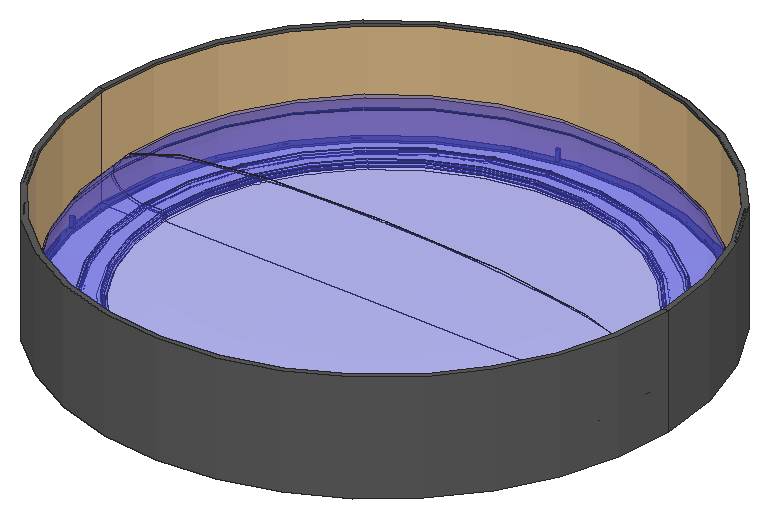
Revit family "BE_50790.4_de_DE", category Leuchten, Revit 2020
Family settings
  Basisbauteil = Fläche
  Bemaßung runder Anschluss = Durchmesser verwenden
  Teiletyp = Normal
  Beim Laden mit Abzugskörper schneiden = Ja
  Lichtquelle = Ja
  Gemeinsam genutzt = Nein
  Raumberechnungspunkt = Ja
Parameters (values of type "BEGA_50790.4_K3")
  built-in parameter 1150104 = 15.525 (stored number, unit not read)
  Wattage = 91.2 W
  Default Elevation = 0 mm
  built-in parameter 1150113 = 1 (stored number, unit not read)
  built-in parameter 1114218 = 1 (stored number, unit not read)
  Umgebungstemperatur = "25 °C"
  URL = "https://www.bega.com/de/produkt/50790.4"
  Typenkommentare = "© 2023 BEGA. Wir behalten uns das Recht vor, technische Änderungen ohne vorherige Ankündigung vorzunehmen."  # constant formula
  built-in parameter 1150134 = (empty or 0)
  built-in parameter 1150109 = 1 (stored number, unit not read)
  built-in parameter 1150110 = 1 (stored number, unit not read)
  Spannung = 239.996 V
  Sonderanfertigung = no
  Seriennummer [instance] = "Hier können Sie die eindeutige Seriennummer für das Facility Management eintragen."
  Schutzklasse = "I"
  Schutzart = "IP 20"
  Scheinlast = 0 VA
  Produktdatenblatt = "https://cdn.bega.com/bega/products/50790.4K3/current/documents/data-sheets/de"
  Neigungswinkel = 0.00°
  Modell = "50790.4K3"
  Material_35 = BEGA_Oberfläche_Samtschwarz_matt
  Material_34 = BEGA_Oberfläche_Samtweiss_matt
  Material_31 = BEGA_Oberfläche_Messing_matt
  Material_14 = BEGA_Kunststoff_opal
  M_W = no
  M_G = no
  M_A = no
  Logo = 0
  built-in parameter 1114217 = 1 (stored number, unit not read)
  built-in parameter 1150139 = (empty or 0)
  built-in parameter 1150105 = 1212.8 (stored number, unit not read)
  built-in parameter 1150114 = 1 (stored number, unit not read)
  Lumens = 15240.4 lm
  built-in parameter 1150115 = 1 (stored number, unit not read)
  Leuchtenlichtstrom = "10770 lm"
  Lebensdauerkriterien = "L70B50 @ 25 °C = 200000 h"
  Lastklassifizierung = Beleuchtung
  built-in parameter 1150112 = 1 (stored number, unit not read)
  Lampenlichtstrom = "15240 lm"
  Lampe = "LED 91.2 W"
  LED_Modulbezeichnung = "4 x LED-0704/930"
  Hersteller = "BEGA"  # constant formula
  Gewicht = "34.7 kg"
  Frequenz = "0/50-60 Hz"
  Farbwiedergabeindex = "CRI > 90"
  Farbtemperaturverschiebung bei Dämpfen der Lampe = <Keine Auswahl>
  Farbtemperatur = "3000 K"
  Color Filter = 16777215
  built-in parameter 1150133 = 10 (stored number, unit not read)
  Energieeffizienzklasse = "LED A++ - A"
  built-in parameter 1150137 = (empty or 0)
  built-in parameter 1150132 = (empty or 0)
  ENEC = "ja"
  Dimmbar [instance] = "DALI"
  Datei für fotometrisches Netz = "BE_50790-4K3.IES"
  CE_Konformität = "ja"
  Bestellnummer = "50790.4K3"
  Beschreibung_Sonderanfertigung = "Hier können Sie Informationen zur Sonderanfertigung eintragen."
  Beschreibung = "Großflächen-Deckenleuchte"
  built-in parameter 1150106 = 12.128 (stored number, unit not read)
  Befestigungsbohrung = "Ø 10 mm"
  Befestigungsabstand = ""
  BEGA_Intern_aus = yes
  BEGA_Intern_an = yes
  BEGA_Intern_Konstruktion = yes
  BEGA_Intern = yes
  BEGA_IES = yes
  BEGA_Dummy = no
  Anschlussleistung [instance] = "100 W"
  built-in parameter 1150107 = 3000 (stored number, unit not read)
  built-in parameter 1150102 = (empty or 0)
  built-in parameter 1150138 = (empty or 0)
  Aktualisierung = "2023-08-09T04:00:04"
  AC/DC = "AC/DC"
Reference planes
  plane 1 "Mitte (Vorne/Hinten)": y = 0
  plane 2: z = 0
  plane 3 "Mitte (Links/Rechts)": x = 0
  plane 4 "Links": x = -523
  plane 5 "Rechts": x = 523
  plane 6 "Unten": y = -522.996
  plane 7 "Oben": y = 523
  plane 8 "Vorne": z = 202
  plane 9 "Hinten": z = 0
Forms (mm)
  Extrusion 1, solid, material "BEGA_Platte_Weiss"
    sketch origin (0, -1119.2, 0) x (1, 0, 0) y (0, 1, 0)
      loop
        line (-200, 1319.2) -> (-200, 919.2) -> (200, 919.2) -> (200, 1319.2) -> (-200, 1319.2)
    from 0 to -10
  Extrusion 2, solid, material "BEGA_Dummy_matt", visible <- "BEGA_Dummy"
    sketch origin (77.149, -76.023, 0) x (1, 0, 0) y (0, 1, 0)
      loop
        circle (-77.149, 76.023) r 523
    from 0 to 202
Dimensions and locks
  plane 1 "Mitte (Vorne/Hinten)" to Extrusion 1 = 200 mm
  aligned and locked: plane 2 to Extrusion 1
  aligned and locked: level to Extrusion 1
Nested families
  nested 1: "BE_50790.4_Leuchte" at (0, 0, 0), type "BE_50790.4_Leuchte"
Connectors
  electrical at (0, 0, 0), driven by "Lastklassifizierung", driven by "Spannung", driven by "Scheinlast"
    settings: index 1, voltage 239.996 V, apparent load 0 VA, apparent load phase1 0 VA, apparent load phase2 0 VA, apparent load phase3 0 VA, power factor 1, load classification "Beleuchtung", number of poles 1, system type 31, power factor state 1, is connector primary yes, connector utility no, sub classification motor no, connector description ""
Definition of nested family "BE_50790.4_Leuchte"
  Parameters (values of type "BE_50790.4_Leuchte")
    Default Elevation = 1 mm
    URL = "http://www.bega.de/de/produkt"
    Type Comments = "© 2015 BEGA. Wir behalten uns das Recht vor, technische Änderungen ohne vorherige Ankündigung vorzunehmen. "  # constant formula
    Type Image = (empty or 0)
    Material_35 = none
    Material_34 = none
    Material_31 = none
    Material_14 = none
    Länge_Platte = 1100 mm  # constant formula
    Höhe_Platte = -10 mm  # constant formula
    Manufacturer = "BEGA"  # constant formula
    Breite_Platte = 1100 mm  # constant formula
  Reference planes
    plane 1 "Mitte (Oben/Unten)": y = 0
    plane 2: z = 0
    plane 3 "Mitte (Links/Rechts)": x = 0
    plane 4: z = 202
    plane 5: x = -523
    plane 6: x = 523
    plane 7: y = 523
    plane 8: y = -522.996
  Forms (mm)
    Extrusion 1, solid, detail levels medium
      sketch origin (0, 0, 0) x (1, 0, 0) y (0, 1, 0)
        loop
          line (-550, 550) -> (-550, -550) -> (550, -550) -> (550, 550) -> (-550, 550)
      from 0 to -10 <- "Höhe_Platte"
    Revolve 2, solid, material <- "Material_34"
      sketch origin (0, 0, 0) x (1, 0, 0) y (0, 0, 1)
        loop
          line (0, 11) -> (0, 7) -> (518, 7) -> (518, 11) -> (0, 11)
        axis (0, 7) -> (0, 11)
      angle from 0 to 360
    Extrusion 3, void
      sketch origin (0, 0, 0) x (1, 0, 0) y (0, 1, 0)
        loop
          line (-23.746, -16.915) -> (-26.103, 13.027)
          arc (-26.103, 13.027) -> (-3.137, 39.877) -> (23.744, 16.947) r 25
          line (23.744, 16.947) -> (26.1, -12.992) -> (80.774, -8.689)
          arc (80.774, -8.689) -> (87.387, -5.449) -> (89.988, 1.44) r 10
          arc (89.988, 1.44) -> (-7.049, 89.724) -> (-89.109, -12.631) r 90
          arc (-89.109, -12.631) -> (-85.468, -19.045) -> (-78.421, -21.218) r 10
          line (-78.421, -21.218) -> (-23.746, -16.915)
        loop
          circle (-356.406, 170.24) r 3.25
        loop
          circle (325.635, 223.537) r 3.25
        loop
          circle (30.771, -393.776) r 3.25
      from 7 to 11
    Extrusion 4, solid, material <- "Material_34"
      sketch origin (0, 0, 0) x (1, 0, 0) y (0, 1, 0)
        loop
          circle (-369.926, 138.491) r 9.85
        loop
          circle (-369.926, 138.491) r 5
        loop
          circle (-65.026, 389.611) r 9.85
        loop
          circle (-65.026, 389.611) r 5
        loop
          circle (304.9, 251.12) r 9.85
        loop
          circle (304.9, 251.12) r 5
        loop
          circle (369.926, -138.491) r 9.85
        loop
          circle (369.926, -138.491) r 5
        loop
          circle (65.026, -389.611) r 9.85
        loop
          circle (65.026, -389.611) r 5
        loop
          circle (-304.9, -251.12) r 9.85
        loop
          circle (-304.9, -251.12) r 5
      from 0 to 7
    Revolve 5, solid, material <- "Material_31"
      sketch origin (0, 0, 0) x (1, 0, 0) y (0, 0, 1)
        loop
          line (519, 196.5) -> (519, 15) -> (519.798, 15) -> (519.798, 196.5) -> (519, 196.5)
        axis (0, 15) -> (0, 196.5)
      angle from 0 to 360
    Revolve 6, solid, material <- "Material_35"
      sketch origin (0, 0, 0) x (1, 0, 0) y (0, 0, 1)
        loop
          line (519, 10) -> (519, 3)
          arc (519, 3) -> (519.293, 2.293) -> (520, 2) r 1
          line (520, 2) -> (523, 2) -> (523, 202) -> (514, 202) -> (514, 198.5) -> (518, 198.5) -> (518, 199.327) -> (519.798, 199.327) -> (519.798, 15) -> (505.7, 15) -> (505.7, 11) -> (518, 11)
          arc (518, 11) -> (518.707, 10.707) -> (519, 10) r 1
        axis (0, 2) -> (0, 202)
      angle from 0 to 360
    Revolve 7, solid, material <- "Material_34"
      sketch origin (0, 0, 0) x (1, 0, 0) y (0, 0, 1)
        loop
          arc (439.602, 27.494) -> (437.941, 31.29) -> (434.103, 32.85) r 5.5
          line (434.103, 32.85) -> (411.175, 32.85)
          arc (411.175, 32.85) -> (408.42, 32.11) -> (406.406, 30.089) r 5.5
          line (406.406, 30.089) -> (404.825, 27.35)
          arc (404.825, 27.35) -> (403.36, 25.886) -> (401.36, 25.35) r 4
          line (401.36, 25.35) -> (0, 25.35) -> (0, 23.85) -> (401.36, 23.85)
          arc (401.36, 23.85) -> (404.11, 24.587) -> (406.124, 26.6) r 5.5
          line (406.124, 26.6) -> (407.711, 29.35)
          arc (407.711, 29.35) -> (409.175, 30.814) -> (411.175, 31.35) r 4
          line (411.175, 31.35) -> (434.103, 31.35)
          arc (434.103, 31.35) -> (436.895, 30.215) -> (438.102, 27.455) r 4
          line (438.102, 27.455) -> (438.471, 13.35) -> (439.972, 13.35) -> (439.602, 27.494)
        axis (0, 13.35) -> (0, 32.85)
      angle from 0 to 360
    Revolve 8, solid, material <- "Material_14"
      sketch origin (0, 0, 0) x (1, 0, 0) y (0, 0, 1)
        loop
          line (396.823, 30.35) -> (401.442, 30.35) -> (403.751, 34.35)
          arc (403.751, 34.35) -> (404.484, 35.082) -> (405.484, 35.35) r 2
          line (405.484, 35.35) -> (437.672, 35.35)
          arc (437.672, 35.35) -> (438.433, 35.199) -> (439.08, 34.77) r 2
          line (439.08, 34.77) -> (440.328, 33.522)
          arc (440.328, 33.522) -> (441.905, 32.551) -> (443.751, 32.394) r 4
          spline (443.751, 32.394) -> (451.696, 33.822) -> (459.282, 35.664) -> (466.426, 37.899) -> (473.047, 40.503) -> (479.074, 43.446) -> (484.439, 46.697) -> (489.083, 50.22) -> (492.955, 53.975) -> (496.011, 57.921) -> (498.219, 62.014) -> (499.554, 66.21) -> (500, 70.461)
          spline (500, 70.461) -> (496.365, 85.179) -> (485.474, 98.812) -> (467.369, 111.31) -> (442.118, 122.624) -> (409.819, 132.711) -> (370.595, 141.533) -> (324.596, 149.055) -> (271.998, 155.249) -> (213.002, 160.092) -> (147.834, 163.564) -> (76.742, 165.652) -> (0, 166.349)
          line (0, 166.349) -> (0, 162.349)
          spline (0, 162.349) -> (76.667, 161.653) -> (147.671, 159.567) -> (212.733, 156.1) -> (271.603, 151.268) -> (324.046, 145.093) -> (369.843, 137.604) -> (408.798, 128.844) -> (440.725, 118.875) -> (465.446, 107.801) -> (482.791, 95.843) -> (492.807, 83.355) -> (496.001, 70.461)
          spline (496.001, 70.461) -> (495.641, 67.034) -> (494.541, 63.586) -> (492.666, 60.112) -> (489.981, 56.65) -> (486.485, 53.261) -> (482.197, 50.01) -> (477.161, 46.962) -> (471.438, 44.168) -> (465.099, 41.672) -> (458.215, 39.519) -> (450.872, 37.737) -> (443.157, 36.35)
          line (443.157, 36.35) -> (441.933, 37.574)
          arc (441.933, 37.574) -> (439.98, 38.888) -> (437.672, 39.35) r 6
          line (437.672, 39.35) -> (405.484, 39.35)
          arc (405.484, 39.35) -> (402.484, 38.546) -> (400.287, 36.35) r 6
          line (400.287, 36.35) -> (396.823, 30.35)
        axis (0, 30.35) -> (0, 166.349)
      angle from 0 to 360
    Extrusion 9, solid, material <- "Material_35"
      sketch origin (0, 0, 0) x (1, 0, 0) y (0, 1, 0)
        loop
          circle (84.205, -504.521) r 3.25
        loop
          circle (-504.521, -84.205) r 3.25
        loop
          circle (-84.205, 504.521) r 3.25
        loop
          circle (504.521, 84.205) r 3.25
      from 15 to 32
  Cuts and joins
    Extrusion 3 cuts Revolve 2
    joined: Revolve 2, Extrusion 4
    joined: Revolve 6, Extrusion 9
  Dimensions and locks
    equal spacing: Extrusion 1 sketch curve, plane 3 "Mitte (Links/Rechts)", Extrusion 1 sketch curve
    equal spacing: Extrusion 1 sketch curve, plane 1 "Mitte (Oben/Unten)", Extrusion 1 sketch curve
    "Länge_Platte": Extrusion 1 sketch curve to Extrusion 1 sketch curve
    "Breite_Platte": Extrusion 1 sketch curve to Extrusion 1 sketch curve
    plane 1 "Mitte (Oben/Unten)" to Extrusion 1 = 550 mm  (x3)
    aligned and locked: Extrusion 1 to plane 2
    aligned and locked: Extrusion 1 to level
  Automatic sketch dimensions
    plane 3 "Mitte (Links/Rechts)" to Revolve 2 sketch curve = 518 mm
    plane 3 "Mitte (Links/Rechts)" to Revolve 2 sketch curve = 0 mm
    Revolve 2 sketch curve to Revolve 2 sketch curve = 4 mm
    level to Revolve 2 sketch curve = 7 mm
    Extrusion 3 sketch curve to plane 3 "Mitte (Links/Rechts)" = 23.746 mm
    plane 1 "Mitte (Oben/Unten)" to Extrusion 3 sketch curve = 16.915 mm
    Extrusion 3 sketch curve to plane 1 "Mitte (Oben/Unten)" = 13.027 mm
    Extrusion 3 sketch curve to plane 3 "Mitte (Links/Rechts)" = 26.103 mm
    plane 1 "Mitte (Oben/Unten)" to Extrusion 3 sketch curve = 21.218 mm
    Extrusion 3 sketch curve to Extrusion 3 sketch curve = 54.675 mm  (x2)
    Extrusion 3 sketch curve to plane 3 "Mitte (Links/Rechts)" = 1.177 mm
    Extrusion 3 sketch curve to plane 1 "Mitte (Oben/Unten)" = 14.954 mm
    Extrusion 3 sketch curve to plane 1 "Mitte (Oben/Unten)" = 16.947 mm
    plane 1 "Mitte (Oben/Unten)" to Extrusion 3 sketch curve = 12.992 mm
    plane 3 "Mitte (Links/Rechts)" to Extrusion 3 sketch curve = 26.1 mm
    plane 1 "Mitte (Oben/Unten)" to Extrusion 3 sketch curve = 8.689 mm
    plane 1 "Mitte (Oben/Unten)" to Extrusion 3 sketch curve = 0 mm
    Extrusion 3 sketch curve to plane 3 "Mitte (Links/Rechts)" = 0 mm
    Extrusion 3 sketch curve to Extrusion 3 sketch curve = 0.785 mm  (x2)
    Extrusion 3 sketch curve to plane 1 "Mitte (Oben/Unten)" = 1.28 mm
    Extrusion 3 sketch curve to Extrusion 3 sketch curve = 9.969 mm
    Extrusion 3 sketch curve to Extrusion 3 sketch curve = 0 mm  (x4)
    Extrusion 3 sketch curve to Extrusion 3 sketch curve = 9.904 mm
    Extrusion 3 sketch curve to plane 1 "Mitte (Oben/Unten)" = 1.44 mm
    Extrusion 3 sketch curve to Extrusion 3 sketch curve = 9.999 mm
    level to Revolve 5 sketch curve = 15 mm
    plane 3 "Mitte (Links/Rechts)" to Revolve 5 sketch curve = 519.798 mm
    Revolve 5 sketch curve to Revolve 5 sketch curve = 0.798 mm
    Revolve 5 sketch curve to Revolve 5 sketch curve = 181.5 mm
    Revolve 6 sketch curve to Revolve 6 sketch curve = 0 mm
    Revolve 6 sketch curve to Revolve 6 sketch curve = 1 mm  (x2)
    level to Revolve 6 sketch curve = 3 mm
    Revolve 6 sketch curve to Revolve 6 sketch curve = 0.827 mm
    Revolve 6 sketch curve to Revolve 6 sketch curve = 4 mm  (x2)
    Revolve 6 sketch curve to Revolve 6 sketch curve = 12.3 mm
    plane 3 "Mitte (Links/Rechts)" to Revolve 6 sketch curve = 505.7 mm
    Revolve 6 sketch curve to Revolve 6 sketch curve = 1.798 mm
    Revolve 6 sketch curve to Revolve 6 sketch curve = 3 mm
    Revolve 6 sketch curve to Revolve 6 sketch curve = 7 mm
    Revolve 6 sketch curve to Revolve 6 sketch curve = 183.5 mm
    Revolve 6 sketch curve to Revolve 6 sketch curve = 2.673 mm
    Revolve 6 sketch curve to plane 3 "Mitte (Links/Rechts)" = 0 mm
    Revolve 6 sketch curve to level = 609.6 mm
    Revolve 6 sketch curve to Revolve 6 sketch curve = 2407.058 mm
    level to Revolve 7 sketch curve = 13.35 mm
    Revolve 7 sketch curve to Revolve 7 sketch curve = 0.37 mm
    Revolve 7 sketch curve to Revolve 7 sketch curve = 1.501 mm
    level to Revolve 7 sketch curve = 27.455 mm
    Revolve 7 sketch curve to Revolve 7 sketch curve = 1.5 mm  (x2)
    Revolve 7 sketch curve to Revolve 7 sketch curve = 0 mm  (x13)
    Revolve 7 sketch curve to Revolve 7 sketch curve = 3.999 mm
    Revolve 7 sketch curve to Revolve 7 sketch curve = 0.105 mm
    Revolve 7 sketch curve to Revolve 7 sketch curve = 22.928 mm
    Revolve 7 sketch curve to Revolve 7 sketch curve = 4 mm  (x2)
    Revolve 7 sketch curve to Revolve 7 sketch curve = 3.464 mm  (x2)
    Revolve 7 sketch curve to Revolve 7 sketch curve = 1.305 mm
    Revolve 7 sketch curve to Revolve 7 sketch curve = 0.739 mm
    level to Revolve 7 sketch curve = 27.35 mm
    Revolve 7 sketch curve to Revolve 7 sketch curve = 1.581 mm
    Revolve 7 sketch curve to Revolve 7 sketch curve = 2 mm
    Revolve 7 sketch curve to Revolve 7 sketch curve = 401.36 mm
    Revolve 7 sketch curve to Revolve 7 sketch curve = 1.299 mm
    level to Revolve 7 sketch curve = 26.6 mm
    level to Revolve 7 sketch curve = 29.35 mm
    Revolve 7 sketch curve to plane 3 "Mitte (Links/Rechts)" = 0 mm
    Revolve 8 sketch curve to Revolve 8 sketch curve = 0 mm  (x9)
    Revolve 8 sketch curve to plane 3 "Mitte (Links/Rechts)" = 0 mm
    level to Revolve 8 sketch curve = 30.35 mm
    plane 3 "Mitte (Links/Rechts)" to Revolve 8 sketch curve = 396.823 mm
    Revolve 8 sketch curve to Revolve 8 sketch curve = 4.619 mm
    Revolve 8 sketch curve to Revolve 8 sketch curve = 4.042 mm
    Revolve 8 sketch curve to Revolve 8 sketch curve = 32.188 mm
    level to Revolve 8 sketch curve = 34.77 mm
    Revolve 8 sketch curve to Revolve 8 sketch curve = 1.408 mm
    level to Revolve 8 sketch curve = 37.574 mm
    Revolve 8 sketch curve to Revolve 8 sketch curve = 2.853 mm
    Revolve 8 sketch curve to Revolve 8 sketch curve = 1.224 mm
    level to Revolve 8 sketch curve = 36.35 mm  (x2)
    level to Revolve 8 sketch curve = 70.461 mm
    Revolve 8 sketch curve to Revolve 8 sketch curve = 52.844 mm
    Revolve 8 sketch curve to Revolve 8 sketch curve = 1.42 mm
    Revolve 8 sketch curve to Revolve 8 sketch curve = 2 mm
    Revolve 8 sketch curve to level = 198.183 mm
    Revolve 8 sketch curve to plane 3 "Mitte (Links/Rechts)" = 1400.809 mm
    Revolve 8 sketch curve to Revolve 8 sketch curve = 5.196 mm
    level to Revolve 8 sketch curve = 34.35 mm
    Revolve 8 sketch curve to Revolve 8 sketch curve = 1.732 mm
    Revolve 8 sketch curve to Revolve 8 sketch curve = 13.738 mm
    level to Revolve 8 sketch curve = 33.522 mm
    Revolve 8 sketch curve to Revolve 8 sketch curve = 1.249 mm
    Revolve 8 sketch curve to Revolve 8 sketch curve = 3.422 mm
    Revolve 8 sketch curve to Revolve 8 sketch curve = 3.682 mm
    Revolve 8 sketch curve to Revolve 8 sketch curve = 3.997 mm
    Revolve 8 sketch curve to Revolve 8 sketch curve = 0.002 mm
    Revolve 8 sketch curve to Revolve 8 sketch curve = 1.127 mm
    Revolve 8 sketch curve to Revolve 8 sketch curve = 0.266 mm
    Revolve 8 sketch curve to Revolve 8 sketch curve = 4 mm
